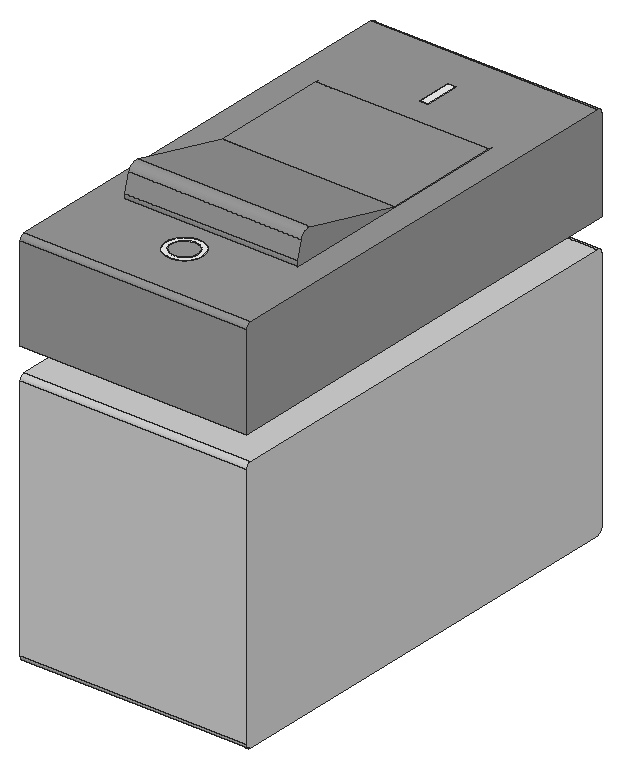
Revit family "Domotics-DomesticRanges-GEWISS-SYSTEM_COMMAND-ONE-WAY_SWITCH_HEAVY_DUTY", category Apparecchi elettrici, host Superficie, Revit 2016
Family settings
  Host = Superficie
  Mantenere orientamento annotazione = Sì
  Tipo di parte = Normale
  Quota connettore circolare = Usa diametro
  Numero OmniClass = 23.80.50.11.14
  Titolo OmniClass = Switches
  Taglio con vuoti quando caricato = No
  Condiviso = Sì
  Punto di calcolo locali = Sì
Parameters (values of type "GW21585 - Switch-2P 25a black")
  Voltage: = "250 V ac"
  Voltage = "250 V ac"
  Volt = 230 V
  Vista di pianta [instance] = yes
  Version file RFA = "19.4"
  URL = "https://www.gewiss.com/ww/en"
  Type of use: = "Heavy duty"
  Type = "General"
  Tipo_ = SYSTEM INT HD_BASE : GW21585 - Nero - Interruttore 2P 25A
  Technical sheet = "https://www.gewiss.com/ww/en/search?q=GW21585"
  Symbol = "0/1"
  Simbolo_ = SIMBOLO INTERRUTTORI : INT2P
  SIMBOLO [instance] = yes
  SEO = "1 way switch"
  Realized by GEWISS S.p.A. = ""
  Produttore = "GEWISS S.p.A."
  Offset interruttore [instance] = 0 mm
  Offset bidimensionale [instance] = 2 mm
  No. SYSTEM modules = "1"
  N. poli = 1
  Modello = "GW21585"
  Larghezza pulsante = 23 mm
  IFC.TypeObject = ""
  IFC.ExportType = ""
  IFC.ExportAs = ""
  IDT = "ed97927d-75f9-4dd6-b9f1-08caf59d740d"
  IDF = "703c0208-0ae5-45ba-af99-f43cb316ca8c"
  Electrocod = "0130"
  EAN code = "8011564190535"
  Distanza_x [instance] = 0 mm
  Distanza_effettiva_x [instance] = 1500 mm - Distanza_x  # 1500 mm
  Default Elevation = 1219.2 mm
  Immagine tipo = GW21585.jpg
  Descrizione = "SWITCH-2P 25A SY/BK"
  Description: = "25A"
  Description. = "One-way switch (2P - 25 A)"
  Colour = "Black"
  Catalogue Range = "SYSTEM - DOMESTIC RANGE"
  Catalogue = "DOMOTICS"
  Carico apparente = 0 VA
  COBie.Tagnumber = ""
  COBie.CreatedOn = ""
  COBie.CreatebBy = ""
  COBie.ComponentRegisterItemID = ""
  COBie.Component.TagNumber = ""
  COBie.Component.Space = ""
  COBie.Component.SerialNumber = ""
  COBie.Component.InstallationDate = ""
  COBie.Component.Description = ""
  COBie.Component.BarCode = ""
  Button key = "Neutral"
Types (2, lengths in mm): name | Tipo_ | Technical sheet | Modello | IDT | EAN code | Immagine tipo | Descrizione | Colour
  GW20585 - Switch-2P 25a white | SYSTEM INT HD_BASE : GW20585 - Bianco - Interruttore 2P 25A | "https://www.gewiss.com/ww/en/search?q=GW20585" | "GW20585" | "40de4d75-08d8-4a97-bb29-a433589a5cca" | "8011564190528" | GW20585.jpg | "SWITCH-2P 25A SY/WT" | "White"
  GW21585 - Switch-2P 25a black | SYSTEM INT HD_BASE : GW21585 - Nero - Interruttore 2P 25A | "https://www.gewiss.com/ww/en/search?q=GW21585" | "GW21585" | "ed97927d-75f9-4dd6-b9f1-08caf59d740d" | "8011564190535" | GW21585.jpg | "SWITCH-2P 25A SY/BK" | "Black"
Reference planes
  plane 1 "Centro (Fronte/Retro)": y = 0
  plane 2: z = 0
  plane 3 "Centro (Sinistra/Destra)": x = 0
  plane 4: z = 0
  plane 5 "piano bidimensionale": z = 35
  plane 6: x = -11.5
  plane 7: x = 11.5
  plane 8: z = 39
  plane 9: x = -1500
  plane 10: x = 0
  plane 11: z = 37
Lines and regions (mm)
  Masking region 1, visible <- "Vista di pianta"
    outline origin (0, 0, 0) x (1, 0, 0) y (0, 0, 1)
      loop
        line (-11.5, 39) -> (-11.5, 0) -> (11.5, 0) -> (11.5, 39) -> (-11.5, 39)
  Masking region 2, visible <- "Vista di pianta"
    outline origin (0, 0, 35) x (0, -1, 0) y (1, 0, 0)
      loop
        line (-22.5, -11.5) -> (22.5, -11.5) -> (22.5, 11.5) -> (-22.5, 11.5) -> (-22.5, -11.5)
      loop
        line (-12.596, -8.77) -> (12.596, -8.77) -> (12.596, 8.77) -> (-12.596, 8.77) -> (-12.596, -8.77)
      loop
        line (-14.319, -0.422) -> (-14.319, 0.422) -> (-17.914, 0.422) -> (-17.914, -0.422) -> (-14.319, -0.422)
      loop
        circle (16.048, 0) r 1.866
      loop
        circle (16.048, 0) r 1.366
  Masking region 3, visible <- "Vista di pianta"
    outline origin (0, 0, 0) x (0, 1, 0) y (0, 0, 1)
      loop
        line (-22.5, 35) -> (-22.5, 0) -> (22.5, 0) -> (22.5, 35) -> (-22.5, 35)
  model lines, style "pulsanti", not visible, detail levels coarse
    curve 1: line (-11.5, 22.5, 35) -> (11.5, 22.5, 35)
    curve 2: line (-11.5, -22.5, 35) -> (-11.5, 22.5, 35)
    curve 3: line (11.5, -22.5, 35) -> (-11.5, -22.5, 35)
    curve 4: line (11.5, 22.5, 35) -> (11.5, -22.5, 35)
    curve 5: arc (1.866, -16.048, 35) -> (0, -17.914, 35) -> (-1.866, -16.048, 35) r 1.866
    curve 6: arc (1.866, -16.048, 35) -> (0, -14.182, 35) -> (-1.866, -16.048, 35) r 1.866
    curve 7: arc (-1.366, -16.048, 35) -> (0, -14.682, 35) -> (1.366, -16.048, 35) r 1.366
    curve 8: arc (1.366, -16.048, 35) -> (0, -17.414, 35) -> (-1.366, -16.048, 35) r 1.366
    curve 9: line (-0.422, 14.319, 35) -> (-0.422, 17.914, 35)
    curve 10: line (-0.422, 17.914, 35) -> (0.422, 17.914, 35)
    curve 11: line (0.422, 17.914, 35) -> (0.422, 14.319, 35)
    curve 12: line (0.422, 14.319, 35) -> (-0.422, 14.319, 35)
    curve 13: line (-8.77, 12.596, 35) -> (8.77, 12.596, 35)
    curve 14: line (8.77, 12.596, 35) -> (8.77, -12.596, 35)
    curve 15: line (8.77, -12.596, 35) -> (-8.77, -12.596, 35)
    curve 16: line (-8.77, -12.596, 35) -> (-8.77, 12.596, 35)
    curve 17: line (-8.77, -0.248, 35) -> (8.77, -0.248, 35)
  model lines, style "pulsanti", detail levels coarse
    curve 18: line (-11.5, 22.5, 37) -> (11.5, 22.5, 37)
    curve 19: line (-11.5, -22.5, 37) -> (-11.5, 22.5, 37)
    curve 20: line (11.5, -22.5, 37) -> (-11.5, -22.5, 37)
    curve 21: line (11.5, 22.5, 37) -> (11.5, -22.5, 37)
    curve 22: arc (1.866, -16.048, 37) -> (0, -17.914, 37) -> (-1.866, -16.048, 37) r 1.866
    curve 23: arc (1.866, -16.048, 37) -> (0, -14.182, 37) -> (-1.866, -16.048, 37) r 1.866
    curve 24: arc (-1.366, -16.048, 37) -> (0, -14.682, 37) -> (1.366, -16.048, 37) r 1.366
    curve 25: arc (1.366, -16.048, 37) -> (0, -17.414, 37) -> (-1.366, -16.048, 37) r 1.366
    curve 26: line (-0.422, 14.319, 37) -> (-0.422, 17.914, 37)
    curve 27: line (-0.422, 17.914, 37) -> (0.422, 17.914, 37)
    curve 28: line (0.422, 17.914, 37) -> (0.422, 14.319, 37)
    curve 29: line (0.422, 14.319, 37) -> (-0.422, 14.319, 37)
    curve 30: line (-8.77, 12.596, 37) -> (8.77, 12.596, 37)
    curve 31: line (8.77, 12.596, 37) -> (8.77, -12.596, 37)
    curve 32: line (8.77, -12.596, 37) -> (-8.77, -12.596, 37)
    curve 33: line (-8.77, -12.596, 37) -> (-8.77, 12.596, 37)
    curve 34: line (-8.77, -0.248, 37) -> (8.77, -0.248, 37)
Dimensions and locks
  "Offset interruttore": plane 4 to host face
  equal spacing: plane 6, plane 3 "Centro (Sinistra/Destra)", plane 7
  "Larghezza pulsante": plane 6 to plane 7
  locked: plane 8 to plane 4 at 39
  plane 9 to plane 3 "Centro (Sinistra/Destra)" = 1500 mm
  "Distanza_effettiva_x": plane 9 to plane 10
  locked: plane 5 "piano bidimensionale" to plane 4 at 35
  "Offset bidimensionale": plane 11 to plane 5 "piano bidimensionale"
  aligned and locked: plane 2 to host face
  aligned and locked: level to host face
  aligned and locked: plane 1 "Centro (Fronte/Retro)" to nested 1
  aligned and locked: nested 1 to plane 4
  aligned and locked: Masking region 1 sketch curve to plane 8
  aligned and locked: Masking region 1 sketch curve to plane 7
  aligned and locked: plane 6 to Masking region 1 sketch curve
  aligned and locked: plane 4 to Masking region 1 sketch curve
  aligned and locked: plane 10 to nested 2
  aligned and locked: plane 6 to Masking region 2 sketch curve
  aligned and locked: Masking region 3 sketch curve to nested 1  (x2)
  aligned and locked: plane 4 to Masking region 3 sketch curve
  aligned and locked: plane 11 to curve 21
Automatic sketch dimensions
  host sketch curve to host sketch curve = 2438.4 mm  (x2)
  curve 5 to curve 7 = 0 mm  (x4)
  curve 1 to curve 10 = 4.586 mm
  curve 9 to curve 9 = 3.595 mm
  curve 11 to curve 14 = 1.723 mm
  curve 13 to curve 15 = 25.192 mm
  curve 15 to curve 7 = 3.452 mm
  curve 14 to curve 3 = 9.904 mm
  curve 1 to curve 16 = 2.73 mm
  curve 13 to curve 9 = 8.349 mm
  curve 15 to curve 8 = 8.77 mm
  curve 9 to curve 12 = 0.844 mm
  curve 11 to curve 13 = 8.349 mm
  curve 14 to curve 3 = 2.73 mm
  curve 17 to curve 15 = 12.348 mm
  curve 5 to curve 5 = 1.866 mm
  curve 5 to curve 7 = 0.5 mm
  curve 5 to curve 6 = 0 mm  (x2)
  curve 5 to curve 8 = 0 mm  (x2)
  curve 6 to curve 7 = 0 mm  (x2)
  curve 6 to curve 8 = 0 mm  (x2)
  curve 7 to curve 8 = 0 mm  (x2)
  Masking region 2 sketch curve to Masking region 2 sketch curve = 0 mm  (x3)
  Masking region 2 sketch curve to plane 3 "Centro (Sinistra/Destra)" = 0 mm
  plane 3 "Centro (Sinistra/Destra)" to Masking region 2 sketch curve = 0.422 mm
  Masking region 2 sketch curve to Masking region 2 sketch curve = 4.586 mm
  Masking region 2 sketch curve to plane 3 "Centro (Sinistra/Destra)" = 0.422 mm
  Masking region 2 sketch curve to Masking region 2 sketch curve = 3.595 mm
  plane 6 to Masking region 2 sketch curve = 2.73 mm
  Masking region 2 sketch curve to Masking region 2 sketch curve = 1.723 mm
  Masking region 2 sketch curve to plane 7 = 2.73 mm
  Masking region 2 sketch curve to Masking region 2 sketch curve = 9.904 mm
  Masking region 2 sketch curve to Masking region 2 sketch curve = 3.452 mm
  Masking region 2 sketch curve to plane 7 = 0 mm
  Masking region 2 sketch curve to plane 1 "Centro (Fronte/Retro)" = 22.5 mm
  plane 1 "Centro (Fronte/Retro)" to Masking region 2 sketch curve = 12.596 mm
  Masking region 3 sketch curve to plane 5 "piano bidimensionale" = 0 mm
  curve 22 to curve 24 = 0 mm  (x4)
  curve 18 to curve 27 = 4.586 mm
  curve 26 to curve 26 = 3.595 mm
  curve 28 to curve 31 = 1.723 mm
  curve 30 to curve 32 = 25.192 mm
  curve 32 to curve 24 = 3.452 mm
  curve 31 to curve 20 = 9.904 mm
  curve 18 to curve 33 = 2.73 mm
  curve 30 to curve 26 = 8.349 mm
  curve 32 to curve 25 = 8.77 mm
  curve 26 to curve 29 = 0.844 mm
  curve 28 to curve 30 = 8.349 mm
  curve 31 to curve 20 = 2.73 mm
  curve 34 to curve 32 = 12.348 mm
  curve 22 to curve 22 = 1.866 mm
  curve 22 to curve 24 = 0.5 mm
  curve 22 to curve 23 = 0 mm  (x2)
  curve 22 to curve 25 = 0 mm  (x2)
  curve 23 to curve 24 = 0 mm  (x2)
  curve 23 to curve 25 = 0 mm  (x2)
  curve 24 to curve 25 = 0 mm  (x2)
  radius of Masking region 2 sketch curve = 1.866 mm
  radius of Masking region 2 sketch curve = 1.366 mm
Nested families
  nested 1: "SYSTEM INT HD_BASE" at (0, 0, 0), type <- "Tipo_", type "GW21585 - Nero - Interruttore 2P 25A", detail levels medium+fine
  nested 2: "SIMBOLO INTERRUTTORI" at (0, 117.5, 0), type <- "Simbolo_", SIMBOLO <- "SIMBOLO", visible <- "SIMBOLO", type "INT2P"
    with SIMBOLO yes, Distanza dal muro 4.2 mm, BORDO ACCESO yes
Connectors
  electrical at (0, 0, 0), driven by "N. poli", driven by "Volt", driven by "Carico apparente"
    settings: on nested 1, index 1, voltage 230 V, apparent load 0 VA, apparent load phase1 0 VA, apparent load phase2 0 VA, apparent load phase3 0 VA, power factor 1, load classification "Other", number of poles 1, system type 31, power factor state 1, is connector primary yes, connector utility no, sub classification motor no, connector description ""
Definition of nested family "SYSTEM INT HD_BASE"
  Parameters (values of type "GW21585 - Nero - Interruttore 2P 25A")
    Elemento acciaio = none
    Supporto = none
    Struttura = none
    Pulsante = none
    Profondità suporto = 15.673 mm
    Larghezza pulsante = 23 mm  # constant formula
    Bidimensionale = 36.414 mm
    Altezza pulsante = 45 mm
  Types (2): name
    GW20585 - Bianco - Interruttore 2P 25A
    GW21585 - Nero - Interruttore 2P 25A
  Reference planes
    plane 1 "Centro (Fronte/Retro)": y = 0
    plane 2: z = 0
    plane 3 "Centro (Sinistra/Destra)": x = 0
    plane 4: y = -22.5
    plane 5: y = 22.5
    plane 6: x = -11.5
    plane 7: x = 11.5
    plane 8 "PIANO BIDIMENSIONALE": z = 36.414
    plane 9: x = -9.5
    plane 10: x = 9.5
    plane 11: z = 38.727
    plane 12: x = -8.77
    plane 13: x = 8.77
    plane 14: y = -12.596
    plane 15: y = 12.596
    plane 16: z = 34.844
  Forms (mm)
    Extrusion 1, solid, material <- "Struttura", detail levels medium+fine
      sketch origin (0, 0, 0) x (0, 1, 0) y (0, 0, 1)
        loop
          line (22.5, 0.5) -> (22.5, 25.5)
          arc (22.5, 25.5) -> (22.354, 25.854) -> (22, 26) r 0.5
          line (22, 26) -> (-22, 26)
          arc (-22, 26) -> (-22.354, 25.854) -> (-22.5, 25.5) r 0.5
          line (-22.5, 25.5) -> (-22.5, 0.5)
          arc (-22.5, 0.5) -> (-22.354, 0.146) -> (-22, 0) r 0.5
          line (-22, 0) -> (22, 0)
          arc (22, 0) -> (22.354, 0.146) -> (22.5, 0.5) r 0.5
      from -11.5 to 11.5
    Extrusion 2, solid, material <- "Pulsante", detail levels medium+fine
      sketch origin (0, 0, 0.006) x (0, 1, 0) y (0, 0, 1)
        loop
          line (-22.5, 38.221) -> (-22.5, 28.721) -> (3, 28.721) -> (22.5, 28.721) -> (22.5, 38.221)
          arc (22.5, 38.221) -> (22.354, 38.575) -> (22, 38.721) r 0.5
          line (22, 38.721) -> (-22, 38.721)
          arc (-22, 38.721) -> (-22.354, 38.575) -> (-22.5, 38.221) r 0.5
      from -11.5 to 11.5
    Extrusion 3, solid, material <- "Pulsante", detail levels medium+fine
      sketch origin (0, 0, 0) x (0, 1, 0) y (0, 0, 1)
        loop
          line (-0.183, 34.844) -> (11.596, 34.844)
          arc (11.596, 34.844) -> (12.303, 35.137) -> (12.596, 35.844) r 1
          line (12.596, 35.844) -> (12.596, 37.727)
          arc (12.596, 37.727) -> (12.303, 38.435) -> (11.596, 38.727) r 1
          line (11.596, 38.727) -> (-0.248, 38.727) -> (-10.966, 41.599)
          arc (-10.966, 41.599) -> (-11.676, 41.495) -> (-12.121, 40.933) r 0.972
          line (-12.121, 40.933) -> (-12.596, 39.162)
          arc (-12.596, 39.162) -> (-12.493, 38.439) -> (-11.919, 37.989) r 0.979
          line (-11.919, 37.989) -> (-0.183, 34.844)
      from -8.77 to 8.77
    Extrusion 4, void
      sketch origin (0, 0, 36.414) x (-1, 0, 0) y (0, -1, 0)
        loop
          circle (0, 16.048) r 1.866
        loop
          circle (0, 16.048) r 1.366
        loop
          line (0.422, -14.319) -> (-0.422, -14.319) -> (-0.422, -17.914) -> (0.422, -17.914) -> (0.422, -14.319)
      from 0 to 2.314
    Extrusion 5, solid, material <- "Elemento acciaio", detail levels medium+fine
      sketch origin (0, 0, 36.414) x (-1, 0, 0) y (0, -1, 0)
        loop
          circle (0, 16.048) r 1.866
        loop
          circle (0, 16.048) r 1.366
        loop
          line (0.422, -14.319) -> (-0.422, -14.319) -> (-0.422, -17.914) -> (0.422, -17.914) -> (0.422, -14.319)
      from 0 to 2.314
  Cuts and joins
    Extrusion 4 cuts Extrusion 2
  Lines and regions (mm)
    Masking region 1
      outline origin (0, 0, 36.414) x (-1, 0, 0) y (0, -1, 0)
        loop
          line (11.5, -22.5) -> (11.5, 22.5) -> (-11.5, 22.5) -> (-11.5, -22.5) -> (11.5, -22.5)
        loop
          circle (0, 16.048) r 1.866
        loop
          circle (0, 16.048) r 1.366
        loop
          line (0.422, -17.914) -> (0.422, -14.319) -> (-0.422, -14.319) -> (-0.422, -17.914) -> (0.422, -17.914)
        loop
          line (8.77, -12.596) -> (8.77, 12.596) -> (-8.77, 12.596) -> (-8.77, -12.596) -> (8.77, -12.596)
    Masking region 2
      outline origin (0, 0, 36.414) x (-1, 0, 0) y (0, -1, 0)
        loop
          line (8.77, -12.596) -> (8.77, 12.596) -> (-8.77, 12.596) -> (-8.77, -12.596) -> (8.77, -12.596)
        loop
          line (0.422, -14.319) -> (-0.422, -14.319) -> (-0.422, -17.914) -> (0.422, -17.914) -> (0.422, -14.319)
        loop
          circle (0, 16.048) r 1.866
        loop
          circle (0, 16.048) r 1.366
  Dimensions and locks
    equal spacing: plane 4, plane 1 "Centro (Fronte/Retro)", plane 5
    plane 4 to plane 5 = 45 mm
    equal spacing: plane 6, plane 3 "Centro (Sinistra/Destra)", plane 7
    "Larghezza pulsante": plane 6 to plane 7
    equal spacing: plane 5, plane 1 "Centro (Fronte/Retro)", plane 4
    "Altezza pulsante": plane 5 to plane 4
    "Bidimensionale": plane 8 "PIANO BIDIMENSIONALE" to level
    equal spacing: plane 9, plane 3 "Centro (Sinistra/Destra)", plane 10
    plane 6 to plane 9 = 2 mm
    plane 10 to plane 7 = 2 mm
    equal spacing: plane 15, plane 1 "Centro (Fronte/Retro)", plane 14
    equal spacing: plane 12, plane 3 "Centro (Sinistra/Destra)", plane 13
    aligned and locked: level to plane 2
    aligned and locked: Extrusion 2 to Extrusion 1
    aligned and locked: Extrusion 1 to Extrusion 2
    aligned and locked: Extrusion 2 to plane 6
    aligned and locked: plane 7 to Extrusion 2
    aligned and locked: plane 11 to Extrusion 2 sketch curve
    aligned and locked: Extrusion 2 to Extrusion 4
    aligned and locked: Extrusion 5 to plane 8 "PIANO BIDIMENSIONALE"
    aligned and locked: Extrusion 5 to plane 11
    aligned and locked: Masking region 1 sketch curve to Extrusion 1  (x4)
  Automatic sketch dimensions
    Extrusion 1 sketch curve to plane 4 = 0 mm
    Extrusion 1 sketch curve to level = 0 mm
    Extrusion 1 sketch curve to plane 5 = 0 mm
    level to Extrusion 1 sketch curve = 0.5 mm
    plane 4 to Extrusion 1 sketch curve = 0.5 mm
    Extrusion 1 sketch curve to Extrusion 1 sketch curve = 0.5 mm  (x2)
    Extrusion 1 sketch curve to plane 8 "PIANO BIDIMENSIONALE" = 10.914 mm
    Extrusion 3 sketch curve to plane 14 = 0 mm
    Extrusion 3 sketch curve to plane 16 = 0 mm
    plane 11 to Extrusion 3 sketch curve = 0 mm
    plane 14 to Extrusion 3 sketch curve = 0.474 mm
    plane 14 to Extrusion 3 sketch curve = 0.677 mm
    Extrusion 3 sketch curve to plane 11 = 0.201 mm
    plane 14 to Extrusion 3 sketch curve = 0.951 mm
    Extrusion 3 sketch curve to Extrusion 3 sketch curve = 0.931 mm
    Extrusion 3 sketch curve to Extrusion 3 sketch curve = 0.224 mm
    plane 1 "Centro (Fronte/Retro)" to Extrusion 3 sketch curve = 0.248 mm
    plane 1 "Centro (Fronte/Retro)" to Extrusion 3 sketch curve = 0.183 mm
    Extrusion 3 sketch curve to plane 8 "PIANO BIDIMENSIONALE" = 0.57 mm
    Extrusion 3 sketch curve to Extrusion 3 sketch curve = 0.94 mm
    Extrusion 3 sketch curve to Extrusion 3 sketch curve = 1.725 mm
    Extrusion 3 sketch curve to Extrusion 3 sketch curve = 0.279 mm
    plane 11 to Extrusion 3 sketch curve = 1 mm
    Extrusion 3 sketch curve to plane 15 = 0 mm
    Extrusion 4 sketch curve to Extrusion 4 sketch curve = 0 mm  (x2)
    Extrusion 4 sketch curve to plane 3 "Centro (Sinistra/Destra)" = 0 mm
    plane 3 "Centro (Sinistra/Destra)" to Extrusion 4 sketch curve = 0.422 mm
    Extrusion 4 sketch curve to plane 3 "Centro (Sinistra/Destra)" = 0.422 mm
    Extrusion 4 sketch curve to plane 5 = 4.586 mm
    Extrusion 4 sketch curve to plane 14 = 3.452 mm
    plane 15 to Extrusion 4 sketch curve = 1.723 mm
    Extrusion 5 sketch curve to Extrusion 5 sketch curve = 0 mm  (x2)
    Extrusion 5 sketch curve to plane 3 "Centro (Sinistra/Destra)" = 0 mm
    Extrusion 5 sketch curve to plane 14 = 3.452 mm
    Extrusion 5 sketch curve to Extrusion 5 sketch curve = 1.366 mm
    Extrusion 5 sketch curve to Extrusion 5 sketch curve = 0.5 mm
    plane 3 "Centro (Sinistra/Destra)" to Extrusion 5 sketch curve = 0.422 mm
    Extrusion 5 sketch curve to plane 3 "Centro (Sinistra/Destra)" = 0.422 mm
    plane 15 to Extrusion 5 sketch curve = 1.723 mm
    Extrusion 5 sketch curve to Extrusion 5 sketch curve = 3.595 mm
    Masking region 1 sketch curve to plane 3 "Centro (Sinistra/Destra)" = 0 mm
    Masking region 1 sketch curve to plane 14 = 3.452 mm
    Masking region 1 sketch curve to Masking region 1 sketch curve = 1.866 mm
    Masking region 1 sketch curve to Masking region 1 sketch curve = 0 mm  (x2)
    Masking region 1 sketch curve to Masking region 1 sketch curve = 0.5 mm
    plane 3 "Centro (Sinistra/Destra)" to Masking region 1 sketch curve = 0.422 mm
    Masking region 1 sketch curve to plane 3 "Centro (Sinistra/Destra)" = 0.422 mm
    Masking region 1 sketch curve to plane 5 = 4.586 mm
    plane 15 to Masking region 1 sketch curve = 1.723 mm
    Masking region 1 sketch curve to plane 13 = 0 mm
    Masking region 1 sketch curve to plane 12 = 0 mm
    Masking region 1 sketch curve to plane 15 = 0 mm
    Masking region 1 sketch curve to plane 14 = 0 mm
    Masking region 2 sketch curve to plane 13 = 0 mm
    Masking region 2 sketch curve to plane 12 = 0 mm
    Masking region 2 sketch curve to plane 15 = 0 mm
    Masking region 2 sketch curve to plane 14 = 0 mm
    plane 3 "Centro (Sinistra/Destra)" to Masking region 2 sketch curve = 0.422 mm
    Masking region 2 sketch curve to plane 3 "Centro (Sinistra/Destra)" = 0.422 mm
    plane 15 to Masking region 2 sketch curve = 1.723 mm
    Masking region 2 sketch curve to Masking region 2 sketch curve = 3.595 mm
    Masking region 2 sketch curve to plane 3 "Centro (Sinistra/Destra)" = 0 mm
    Masking region 2 sketch curve to plane 14 = 3.452 mm
    Masking region 2 sketch curve to Masking region 2 sketch curve = 1.866 mm
    Masking region 2 sketch curve to Masking region 2 sketch curve = 0 mm  (x2)
    Masking region 2 sketch curve to Masking region 2 sketch curve = 0.5 mm
    Extrusion 2 sketch curve to plane 4 = 0 mm
    Extrusion 2 sketch curve to plane 5 = 0 mm
    Extrusion 2 sketch curve to Extrusion 2 sketch curve = 0.5 mm  (x2)
    Extrusion 2 sketch curve to plane 16 = 6.117 mm
    Extrusion 2 sketch curve to plane 1 "Centro (Fronte/Retro)" = 3 mm
    radius of Extrusion 4 sketch curve = 1.866 mm
    radius of Extrusion 4 sketch curve = 1.366 mm
Definition of nested family "SIMBOLO INTERRUTTORI"
  Parameters (values of type "RELE PP")
    TIPO SIMBOLO = SIMBOLO INTERRUTTORI_BASE : RELE PP
    SIMBOLO [instance] = yes
    Distanza dal muro [instance] = 4.208 mm
    BORDO ACCESO [instance] = yes
  Types (8, lengths in mm): name | TIPO SIMBOLO
    INT1P | SIMBOLO INTERRUTTORI_BASE : INT1P
    INT1PLUM | SIMBOLO INTERRUTTORI_BASE : INT1PLUM
    INT2P | SIMBOLO INTERRUTTORI_BASE : INT2P
    INT2PLUM | SIMBOLO INTERRUTTORI_BASE : INT2PLUM
    INTCHIAVE | SIMBOLO INTERRUTTORI_BASE : INTCHIAVE
    RELE | SIMBOLO INTERRUTTORI_BASE : RELE
    RELE M | SIMBOLO INTERRUTTORI_BASE : RELE M
    RELE PP | SIMBOLO INTERRUTTORI_BASE : RELE PP
  Reference planes
    plane 1: y = 0
    plane 2: x = 0
  Lines and regions (mm)
    detail lines, visible <- "BORDO ACCESO", not visible
      curve 1: line (-2.25, 0.412, 0) -> (2.25, 0.412, 0)
      curve 2: line (2.25, 0.412, 0) -> (2.25, -5.588, 0)
      curve 3: line (2.25, -5.588, 0) -> (-2.25, -5.588, 0)
      curve 4: line (-2.25, -5.588, 0) -> (-2.25, 0.412, 0)
      curve 30: line (-1.85, 0.012, 0) -> (1.85, 0.012, 0)
      curve 31: line (1.85, 0.012, 0) -> (1.85, -5.188, 0)
      curve 32: line (1.85, -5.188, 0) -> (-1.85, -5.188, 0)
      curve 33: line (-1.85, -5.188, 0) -> (-1.85, 0.012, 0)
      curve 34: line (-2.25, 6, 0) -> (2.25, 6, 0)
      curve 35: line (2.25, 6, 0) -> (2.25, 0, 0)
      curve 36: line (2.25, 0, 0) -> (-2.25, 0, 0)
      curve 37: line (-2.25, 0, 0) -> (-2.25, 6, 0)
      curve 61: line (-1.85, 5.6, 0) -> (1.85, 5.6, 0)
      curve 62: line (1.85, 5.6, 0) -> (1.85, 0.4, 0)
      curve 63: line (1.85, 0.4, 0) -> (-1.85, 0.4, 0)
      curve 64: line (-1.85, 0.4, 0) -> (-1.85, 5.6, 0)
    detail lines, not visible
      curve 5: line (-9.473, -5.588, 0) -> (10.527, -5.588, 0)
      curve 6: circle (-0.56, -0.487, 0) r 0.969 normal (0, 0, 1)
      curve 7: line (-0.005, 0.306, 0) -> (0.852, 1.529, 0)
      curve 8: line (0.852, 1.529, 0) -> (1.529, 1.047, 0)
      curve 9: circle (-0.56, -315.487, 0) r 0.969 normal (0, 0, 1)
      curve 10: line (-0.005, -314.694, 0) -> (0.852, -313.471, 0)
      curve 11: line (0.852, -313.471, 0) -> (1.529, -313.953, 0)
      curve 12: line (-1.245, -314.803, 0) -> (0.124, -316.172, 0)
      curve 13: line (0.124, -314.803, 0) -> (-1.245, -316.172, 0)
      curve 14: circle (-0.56, -480.487, 0) r 0.969 normal (0, 0, 1)
      curve 15: line (-0.005, -479.694, 0) -> (0.852, -478.471, 0)
      curve 16: line (0.852, -478.471, 0) -> (1.529, -478.953, 0)
      curve 17: line (0.493, -478.983, 0) -> (1.167, -479.462, 0)
      curve 18: circle (-0.56, -880.487, 0) r 0.969 normal (0, 0, 1)
      curve 19: line (-0.005, -879.694, 0) -> (0.852, -878.471, 0)
      curve 20: line (0.852, -878.471, 0) -> (1.529, -878.953, 0)
      curve 21: line (-1.245, -879.803, 0) -> (0.124, -881.172, 0)
      curve 22: line (0.124, -879.803, 0) -> (-1.245, -881.172, 0)
      curve 23: line (0.493, -878.983, 0) -> (1.167, -879.462, 0)
      curve 24: circle (-0.56, -365.487, 0) r 0.969 normal (0, 0, 1)
      curve 25: line (-0.005, -364.694, 0) -> (0.852, -363.471, 0)
      curve 26: line (0.852, -363.471, 0) -> (1.529, -363.953, 0)
      curve 27: line (-0.56, -364.925, 0) -> (-0.56, -366.05, 0)
      curve 28: line (0.493, -363.983, 0) -> (1.167, -364.462, 0)
      curve 29: line (0, 3.621, 0) -> (0, -16.379, 0)
      curve 38: circle (-0.56, 2.417, 0) r 0.969 normal (0, 0, 1)
      curve 39: line (-0.005, 3.21, 0) -> (0.852, 4.433, 0)
      curve 40: line (0.852, 4.433, 0) -> (1.529, 3.951, 0)
      curve 41: circle (-0.56, 2.417, 0) r 0.969 normal (0, 0, 1)
      curve 42: line (-0.005, 3.21, 0) -> (0.852, 4.433, 0)
      curve 43: line (0.852, 4.433, 0) -> (1.529, 3.951, 0)
      curve 44: line (-1.245, 3.102, 0) -> (0.124, 1.732, 0)
      curve 45: line (0.124, 3.102, 0) -> (-1.245, 1.732, 0)
      curve 46: circle (-0.56, 2.417, 0) r 0.969 normal (0, 0, 1)
      curve 47: line (-0.005, 3.21, 0) -> (0.852, 4.433, 0)
      curve 48: line (0.852, 4.433, 0) -> (1.529, 3.951, 0)
      curve 49: circle (-0.56, 2.417, 0) r 0.969 normal (0, 0, 1)
      curve 50: line (-0.005, 3.21, 0) -> (0.852, 4.433, 0)
      curve 51: line (0.852, 4.433, 0) -> (1.529, 3.951, 0)
      curve 52: line (-1.245, 3.102, 0) -> (0.124, 1.732, 0)
      curve 53: line (0.124, 3.102, 0) -> (-1.245, 1.732, 0)
      curve 54: line (0.493, 3.921, 0) -> (1.167, 3.442, 0)
      curve 55: line (0.493, 3.921, 0) -> (1.167, 3.442, 0)
      curve 56: circle (-0.56, 2.417, 0) r 0.969 normal (0, 0, 1)
      curve 57: line (-0.005, 3.21, 0) -> (0.852, 4.433, 0)
      curve 58: line (0.852, 4.433, 0) -> (1.529, 3.951, 0)
      curve 59: line (-0.56, 2.979, 0) -> (-0.56, 1.854, 0)
      curve 60: line (0.493, 3.921, 0) -> (1.167, 3.442, 0)
  Dimensions and locks
    aligned and locked: curve 5 to curve 3
    aligned and locked: plane 2 to nested 1
    aligned and locked: plane 1 to nested 1
  Nested families
    nested 1: "SIMBOLO INTERRUTTORI_BASE" at (0, 0, 0), type <- "TIPO SIMBOLO", BORDO ACCESO <- "BORDO ACCESO", visible <- "SIMBOLO", type "RELE PP"
      with BORDO ACCESO yes
  Definition of nested family "SIMBOLO INTERRUTTORI_BASE"
    Parameters (values of type "RELE PP")
      RELE PP = yes
      RELE M = no
      RELE = yes
      INTCHIAVE = no
      INT2PLUM = no
      INT2P = no
      INT1PLUM = no
      INT1P = no
      Distanza dal muro = 4.208 mm
      BORDO ACCESO [instance] = yes
    Types (8, lengths in mm): name | RELE PP | RELE M | RELE | INTCHIAVE | INT2PLUM | INT2P | INT1PLUM | INT1P
      INT1P | no | no | no | no | no | no | no | yes
      INT1PLUM | no | no | no | no | no | no | yes | no
      INT2P | no | no | no | no | no | yes | no | no
      INT2PLUM | no | no | no | no | yes | no | no | no
      INTCHIAVE | no | no | no | yes | no | no | no | no
      RELE | no | no | yes | no | no | no | no | no
      RELE M | no | yes | yes | no | no | no | no | no
      RELE PP | yes | no | yes | no | no | no | no | no
    Reference planes
      plane 1: y = 0
      plane 2: x = 0
    Lines and regions (mm)
      detail lines, visible <- "BORDO ACCESO", not visible
        curve 1: line (-2.25, 0.412, 0) -> (2.25, 0.412, 0)
        curve 2: line (2.25, 0.412, 0) -> (2.25, -5.588, 0)
        curve 3: line (2.25, -5.588, 0) -> (-2.25, -5.588, 0)
        curve 4: line (-2.25, -5.588, 0) -> (-2.25, 0.412, 0)
        curve 53: line (-1.85, 0.012, 0) -> (1.85, 0.012, 0)
        curve 54: line (1.85, 0.012, 0) -> (1.85, -5.188, 0)
        curve 55: line (1.85, -5.188, 0) -> (-1.85, -5.188, 0)
        curve 56: line (-1.85, -5.188, 0) -> (-1.85, 0.012, 0)
        curve 57: line (-2.25, 6, 0) -> (2.25, 6, 0)
        curve 58: line (2.25, 6, 0) -> (2.25, 0, 0)
        curve 59: line (2.25, 0, 0) -> (-2.25, 0, 0)
        curve 60: line (-2.25, 0, 0) -> (-2.25, 6, 0)
        curve 84: line (-1.85, 5.6, 0) -> (1.85, 5.6, 0)
        curve 85: line (1.85, 5.6, 0) -> (1.85, 0.4, 0)
        curve 86: line (1.85, 0.4, 0) -> (-1.85, 0.4, 0)
        curve 87: line (-1.85, 0.4, 0) -> (-1.85, 5.6, 0)
      detail lines, not visible
        curve 5: line (-9.473, -5.588, 0) -> (10.527, -5.588, 0)
        curve 52: line (0, 3.621, 0) -> (0, -16.379, 0)
      detail lines, visible <- "INT1P"
        curve 6: circle (-0.285, 0.931, 0) r 0.531 normal (0, 0, 1)
        curve 7: line (0.02, 1.365, 0) -> (0.489, 2.035, 0)
        curve 8: line (0.489, 2.035, 0) -> (0.86, 1.771, 0)
      detail lines, visible <- "INT1P", not visible
        curve 9: circle (-0.56, -0.487, 0) r 0.969 normal (0, 0, 1)
        curve 10: line (-0.005, 0.306, 0) -> (0.852, 1.529, 0)
        curve 11: line (0.852, 1.529, 0) -> (1.529, 1.047, 0)
        curve 61: circle (-0.56, 2.417, 0) r 0.969 normal (0, 0, 1)
        curve 62: line (-0.005, 3.21, 0) -> (0.852, 4.433, 0)
        curve 63: line (0.852, 4.433, 0) -> (1.529, 3.951, 0)
        curve 112: circle (-0.285, 2.181, 0) r 0.531 normal (0, 0, 1)
        curve 113: line (0.02, 2.615, 0) -> (0.489, 3.285, 0)
        curve 114: line (0.489, 3.285, 0) -> (0.86, 3.021, 0)
      detail lines, visible <- "INT1PLUM"
        curve 12: circle (-0.285, 0.931, 0) r 0.531 normal (0, 0, 1)
        curve 13: line (0.02, 1.365, 0) -> (0.489, 2.035, 0)
        curve 14: line (0.489, 2.035, 0) -> (0.86, 1.771, 0)
        curve 15: line (-0.66, 1.306, 0) -> (0.091, 0.555, 0)
        curve 16: line (0.091, 1.306, 0) -> (-0.66, 0.555, 0)
      detail lines, visible <- "INT1PLUM", not visible
        curve 17: circle (-0.56, -315.487, 0) r 0.969 normal (0, 0, 1)
        curve 18: line (-0.005, -314.694, 0) -> (0.852, -313.471, 0)
        curve 19: line (0.852, -313.471, 0) -> (1.529, -313.953, 0)
        curve 20: line (-1.245, -314.803, 0) -> (0.124, -316.172, 0)
        curve 21: line (0.124, -314.803, 0) -> (-1.245, -316.172, 0)
        curve 64: circle (-0.56, 2.417, 0) r 0.969 normal (0, 0, 1)
        curve 65: line (-0.005, 3.21, 0) -> (0.852, 4.433, 0)
        curve 66: line (0.852, 4.433, 0) -> (1.529, 3.951, 0)
        curve 67: line (-1.245, 3.102, 0) -> (0.124, 1.732, 0)
        curve 68: line (0.124, 3.102, 0) -> (-1.245, 1.732, 0)
        curve 115: circle (-0.285, 2.181, 0) r 0.531 normal (0, 0, 1)
        curve 116: line (0.02, 2.615, 0) -> (0.489, 3.285, 0)
        curve 117: line (0.489, 3.285, 0) -> (0.86, 3.021, 0)
        curve 118: line (-0.66, 2.556, 0) -> (0.091, 1.805, 0)
        curve 119: line (0.091, 2.556, 0) -> (-0.66, 1.805, 0)
      detail lines, visible <- "INT2P"
        curve 22: circle (-0.285, 0.931, 0) r 0.531 normal (0, 0, 1)
        curve 23: line (0.02, 1.365, 0) -> (0.489, 2.035, 0)
        curve 24: line (0.489, 2.035, 0) -> (0.86, 1.771, 0)
        curve 30: line (0.293, 1.755, 0) -> (0.662, 1.492, 0)
      detail lines, visible <- "INT2PLUM"
        curve 25: circle (-0.285, 0.931, 0) r 0.531 normal (0, 0, 1)
        curve 26: line (0.02, 1.365, 0) -> (0.489, 2.035, 0)
        curve 27: line (0.489, 2.035, 0) -> (0.86, 1.771, 0)
        curve 28: line (-0.66, 1.306, 0) -> (0.091, 0.555, 0)
        curve 29: line (0.091, 1.306, 0) -> (-0.66, 0.555, 0)
        curve 31: line (0.293, 1.755, 0) -> (0.662, 1.492, 0)
      detail lines, visible <- "INT2P", not visible
        curve 32: circle (-0.56, -480.487, 0) r 0.969 normal (0, 0, 1)
        curve 33: line (-0.005, -479.694, 0) -> (0.852, -478.471, 0)
        curve 34: line (0.852, -478.471, 0) -> (1.529, -478.953, 0)
        curve 35: line (0.493, -478.983, 0) -> (1.167, -479.462, 0)
        curve 69: circle (-0.56, 2.417, 0) r 0.969 normal (0, 0, 1)
        curve 70: line (-0.005, 3.21, 0) -> (0.852, 4.433, 0)
        curve 71: line (0.852, 4.433, 0) -> (1.529, 3.951, 0)
        curve 77: line (0.493, 3.921, 0) -> (1.167, 3.442, 0)
        curve 120: circle (-0.285, 2.181, 0) r 0.531 normal (0, 0, 1)
        curve 121: line (0.02, 2.615, 0) -> (0.489, 3.285, 0)
        curve 122: line (0.489, 3.285, 0) -> (0.86, 3.021, 0)
        curve 128: line (0.293, 3.005, 0) -> (0.662, 2.742, 0)
      detail lines, visible <- "INT2PLUM", not visible
        curve 36: circle (-0.56, -880.487, 0) r 0.969 normal (0, 0, 1)
        curve 37: line (-0.005, -879.694, 0) -> (0.852, -878.471, 0)
        curve 38: line (0.852, -878.471, 0) -> (1.529, -878.953, 0)
        curve 39: line (-1.245, -879.803, 0) -> (0.124, -881.172, 0)
        curve 40: line (0.124, -879.803, 0) -> (-1.245, -881.172, 0)
        curve 41: line (0.493, -878.983, 0) -> (1.167, -879.462, 0)
        curve 72: circle (-0.56, 2.417, 0) r 0.969 normal (0, 0, 1)
        curve 73: line (-0.005, 3.21, 0) -> (0.852, 4.433, 0)
        curve 74: line (0.852, 4.433, 0) -> (1.529, 3.951, 0)
        curve 75: line (-1.245, 3.102, 0) -> (0.124, 1.732, 0)
        curve 76: line (0.124, 3.102, 0) -> (-1.245, 1.732, 0)
        curve 78: line (0.493, 3.921, 0) -> (1.167, 3.442, 0)
        curve 123: circle (-0.285, 2.181, 0) r 0.531 normal (0, 0, 1)
        curve 124: line (0.02, 2.615, 0) -> (0.489, 3.285, 0)
        curve 125: line (0.489, 3.285, 0) -> (0.86, 3.021, 0)
        curve 126: line (-0.66, 2.556, 0) -> (0.091, 1.805, 0)
        curve 127: line (0.091, 2.556, 0) -> (-0.66, 1.805, 0)
        curve 129: line (0.293, 3.005, 0) -> (0.662, 2.742, 0)
      detail lines, visible <- "INTCHIAVE"
        curve 42: circle (-0.285, 0.931, 0) r 0.531 normal (0, 0, 1)
        curve 43: line (0.02, 1.365, 0) -> (0.489, 2.035, 0)
        curve 44: line (0.489, 2.035, 0) -> (0.86, 1.771, 0)
        curve 45: line (-0.285, 1.25, 0) -> (-0.285, 0.622, 0)
        curve 46: line (0.293, 1.755, 0) -> (0.662, 1.492, 0)
      detail lines, visible <- "INTCHIAVE", not visible
        curve 47: circle (-0.56, -365.487, 0) r 0.969 normal (0, 0, 1)
        curve 48: line (-0.005, -364.694, 0) -> (0.852, -363.471, 0)
        curve 49: line (0.852, -363.471, 0) -> (1.529, -363.953, 0)
        curve 50: line (-0.56, -364.925, 0) -> (-0.56, -366.05, 0)
        curve 51: line (0.493, -363.983, 0) -> (1.167, -364.462, 0)
        curve 79: circle (-0.56, 2.417, 0) r 0.969 normal (0, 0, 1)
        curve 80: line (-0.005, 3.21, 0) -> (0.852, 4.433, 0)
        curve 81: line (0.852, 4.433, 0) -> (1.529, 3.951, 0)
        curve 82: line (-0.56, 2.979, 0) -> (-0.56, 1.854, 0)
        curve 83: line (0.493, 3.921, 0) -> (1.167, 3.442, 0)
        curve 130: circle (-0.285, 2.181, 0) r 0.531 normal (0, 0, 1)
        curve 131: line (0.02, 2.615, 0) -> (0.489, 3.285, 0)
        curve 132: line (0.489, 3.285, 0) -> (0.86, 3.021, 0)
        curve 133: line (-0.285, 2.5, 0) -> (-0.285, 1.872, 0)
        curve 134: line (0.293, 3.005, 0) -> (0.662, 2.742, 0)
      detail lines, visible <- "RELE"
        curve 88: line (-0.795, 1.705, 0) -> (0.795, 1.705, 0)
        curve 89: line (-0.795, 0.796, 0) -> (-0.795, 1.705, 0)
        curve 90: line (0.795, 0.796, 0) -> (-0.795, 0.796, 0)
        curve 91: line (0.795, 1.705, 0) -> (0.795, 0.796, 0)
        curve 92: line (0, 1.705, 0) -> (0, 2.027, 0)
        curve 93: line (0, 0.796, 0) -> (0, 0.483, 0)
      detail lines, visible <- "RELE M"
        curve 94: line (0.29, 1.606, 0) -> (-0.29, 0.891, 0)
        curve 95: line (0.29, 1.606, 0) -> (0.501, 1.606, 0)
        curve 96: line (-0.29, 0.891, 0) -> (-0.511, 0.891, 0)
      detail lines, visible <- "RELE PP"
        curve 97: line (0, 1.606, 0) -> (0, 0.891, 0)
        curve 98: line (-0.245, 0.891, 0) -> (0, 0.891, 0)
        curve 99: line (0.189, 1.606, 0) -> (0, 1.606, 0)
      detail lines, visible <- "RELE", not visible
        curve 100: line (-1.85, -1.48, 0) -> (1.053, -1.48, 0)
        curve 101: line (-1.85, -3.139, 0) -> (-1.85, -1.48, 0)
        curve 102: line (1.053, -3.139, 0) -> (-1.85, -3.139, 0)
        curve 103: line (1.053, -1.48, 0) -> (1.053, -3.139, 0)
        curve 104: line (-0.399, -1.48, 0) -> (-0.399, -0.893, 0)
        curve 105: line (-0.399, -3.139, 0) -> (-0.399, -3.727, 0)
        curve 135: line (-0.795, 2.955, 0) -> (0.795, 2.955, 0)
        curve 136: line (-0.795, 2.046, 0) -> (-0.795, 2.955, 0)
        curve 137: line (0.795, 2.046, 0) -> (-0.795, 2.046, 0)
        curve 138: line (0.795, 2.955, 0) -> (0.795, 2.046, 0)
        curve 139: line (0, 2.955, 0) -> (0, 3.277, 0)
        curve 140: line (0, 2.046, 0) -> (0, 1.733, 0)
      detail lines, visible <- "RELE M", not visible
        curve 106: line (0.13, -1.659, 0) -> (-0.927, -2.964, 0)
        curve 107: line (0.13, -1.659, 0) -> (0.544, -1.659, 0)
        curve 108: line (-0.927, -2.964, 0) -> (-1.341, -2.964, 0)
        curve 141: line (0.29, 2.856, 0) -> (-0.29, 2.141, 0)
        curve 142: line (0.29, 2.856, 0) -> (0.501, 2.856, 0)
        curve 143: line (-0.29, 2.141, 0) -> (-0.511, 2.141, 0)
      detail lines, visible <- "RELE PP", not visible
        curve 109: line (-0.399, -1.659, 0) -> (-0.399, -2.964, 0)
        curve 110: line (-0.799, -2.964, 0) -> (-0.399, -2.964, 0)
        curve 111: line (0.001, -1.659, 0) -> (-0.399, -1.659, 0)
        curve 144: line (0, 2.856, 0) -> (0, 2.141, 0)
        curve 145: line (-0.245, 2.141, 0) -> (0, 2.141, 0)
        curve 146: line (0.189, 2.856, 0) -> (0, 2.856, 0)
    Dimensions and locks
      aligned and locked: curve 5 to curve 3
